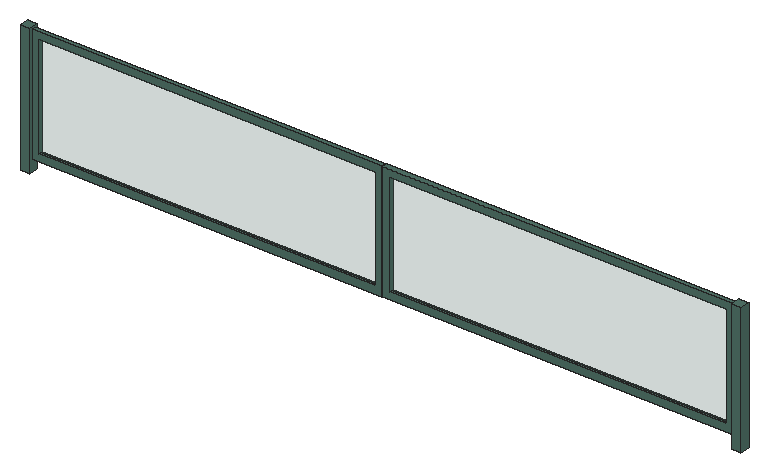
Revit family "Ворота распашные_PROM_UL_BARS", category Специальное оборудование, Revit 2019
Family settings
  Размер круглого соединителя = Использовать диаметр
  Тип детали = Нормальный
  На основе рабочей плоскости = Нет
  Всегда вертикально = Да
  При загрузке вырезать с полостями = Нет
  Общий = Нет
  Точка расчета площади = Нет
Parameters (values of type "PROM-UL_Фланец под винтовую опору")
  Ширина рамки = 60 mm
  Ширина открывания [instance] = Ширина / 2  # 3000 mm
  Ширина [instance] = 6000 mm
  Таблица = "UL_BARS"  # constant formula
  Фланец под винтовую опору (SITgs) = yes
  Фланец (SIT) = no
  Тип крепления = if([Бетонирование в кондукторе (SIC)], 1, if([Бетонирование столбы (SI)], 2, if([Фланец (SIT)], 3, if([Фланец под винтовую опору (SITgs)], 4, 0))))  # 4
  Сечение столба = 80 mm
  Материал_Столбы = FENSYS_Столб
  Материал_Сетка = FENSYS_Рейка
  Изготовитель = "FENSYS"  # constant formula
  Высота [instance] = 1100 mm
  Бетонирование столбы (SI) = no
  Бетонирование в кондукторе (SIC) = no
  Глубина столба = if(or([Бетонирование в кондукторе (SIC)], [Бетонирование столбы (SI)]), 500 mm, 0 mm)  # 0 mm
  URL = "https://www.fensys.ru/produkciya/vorota_1.html"
  ADSK_Размер_Ширина [instance] = Ширина  # 6000 mm
  ADSK_Размер_Высота [instance] = Высота  # 1100 mm
  ADSK_Обозначение = "UL/SITgs/BARS"
  ADSK_Наименование [instance] = size_lookup(Таблица, "", "Не найдено", ADSK_Размер_Высота, ADSK_Размер_Ширина, Тип крепления)  # "Ворота распашные серии PROM-UL: HxW 1100x6000 (оси столбов 6140, профиль 140х140х5мм), заполнение BARS, столбы с регулируемыми петлями, под крепление на винтовых опорах"
  ADSK_Масса [instance] = size_lookup(Таблица, "ADSK_Масса", 0, ADSK_Размер_Высота, ADSK_Размер_Ширина, Тип крепления)  # 157
  ADSK_Комплект = "Ворота распашные"  # constant formula
  ADSK_Код изделия [instance] = size_lookup(Таблица, "ADSK_Код изделия", "Не найдено", ADSK_Размер_Высота, ADSK_Размер_Ширина, Тип крепления)  # "44660U"
  ADSK_Завод-изготовитель = Изготовитель  # "FENSYS"
  ADSK_Единица измерения = "шт."  # constant formula
Types (5, lengths in mm): name | Фланец под винтовую опору (SITgs) | Фланец (SIT) | Тип крепления | Бетонирование столбы (SI) | Бетонирование в кондукторе (SIC) | Глубина столба | ADSK_Обозначение | ADSK_Наименование | ADSK_Масса | ADSK_Код изделия
  (no name) | yes | no | 4 | no | no | 0 | "UL/SITgs/BARS" | "Ворота распашные серии PROM-UL: HxW 1100x6000 (оси столбов 6140, профиль 140х140х5мм), заполнение BARS, столбы с регулируемыми петлями, под крепление на винтовых опорах" | 157 | "44660U"
  PROM-UL_Под бетонирование | no | no | 2 | yes | no | 500 | "UL/SI/BARS" | "Ворота распашные серии PROM-UL: HxW 1100x6000 (оси столбов 6140, профиль 140х140х5мм), заполнение BARS, столбы с регулируемыми петлями, под бетонирование" | 284 | "46860U"
  PROM-UL_Фланец | no | yes | 3 | no | no | 0 | "UL/SIT/BARS" | "Ворота распашные серии PROM-UL: HxW 1100x6000 (оси столбов 6140, профиль 140х140х5мм), заполнение BARS, столбы с регулируемыми петлями, на фланцах под анкерное крепление на бетон" | 206 | "46900U"
  PROM-UL_Фланец под винтовую опору | yes | no | 4 | no | no | 0 | "UL/SITgs/BARS" | "Ворота распашные серии PROM-UL: HxW 1100x6000 (оси столбов 6140, профиль 140х140х5мм), заполнение BARS, столбы с регулируемыми петлями, под крепление на винтовых опорах" | 157 | "44660U"
  PROM-UL_Бетонирование в кондукторе | no | no | 1 | no | yes | 500 | "UL/SIC/BARS" | "Ворота распашные серии PROM-UL: HxW 1100x6000 (оси столбов 6140, профиль 140х140х5мм), заполнение BARS, столбы с регулируемыми петлями, на фланцах под усиленное бетонирование на армокаркасах" | 0 | "38945U"
Reference planes
  plane 1 "По центру (Вперед/Назад)": y = 0
  plane 2: z = 0
  plane 3 "По центру (Влево/Вправо)": x = 0
  plane 4: x = 6160
  plane 5: y = 40
  plane 6: y = -40
  plane 7: x = 80
  plane 8: x = 6080
  plane 9: z = 1100
  plane 10: z = 100
  plane 11: z = 0
  plane 12: y = 20
  plane 13: y = -20
  plane 14: y = 2
  plane 15: y = -2
  plane 16: z = 1040
  plane 17: z = 1110
  plane 18: y = 2
  plane 19: y = -2
  plane 20: x = 3080
Forms (mm)
  Extrusion 1, solid, material "FENSYS_Столб" <- "Материал_Столбы"
    sketch origin (0, 0, 0) x (1, 0, 0) y (0, 1, 0)
      loop
        line (0, 40) -> (0, -40) -> (80, -40) -> (80, 40) -> (0, 40)
      loop
        line (6080, 40) -> (6080, -40) -> (6160, -40) -> (6160, 40) -> (6080, 40)
    from 0 to 1110
  Extrusion 2, solid, material "FENSYS_Рейка" <- "Материал_Сетка"
    sketch origin (0, 0, 0) x (1, 0, 0) y (0, 1, 0)
      loop
        line (140, 2) -> (140, -2) -> (3020, -2) -> (3020, 2) -> (140, 2)
    from 160 to 1040
  Extrusion 3, solid, material "FENSYS_Столб" <- "Материал_Столбы"
    sketch origin (0, 0, 0) x (1, 0, 0) y (0, 0, 1)
      loop
        line (80, 1100) -> (80, 100) -> (3075, 100) -> (3075, 1100) -> (80, 1100)
      loop
        line (6080, 100) -> (6080, 1100) -> (3085, 1100) -> (3085, 100) -> (6080, 100)
      loop
        line (140, 160) -> (3020, 160) -> (3020, 1040) -> (140, 1040) -> (140, 160)
      loop
        line (6020, 160) -> (6020, 1040) -> (3140, 1040) -> (3140, 160) -> (6020, 160)
    from -20 to 20
  Extrusion 4, solid, material "FENSYS_Рейка" <- "Материал_Сетка"
    sketch origin (1010, 0, 0) x (1, 0, 0) y (0, 1, 0)
      loop
        line (2130, 2) -> (2130, -2) -> (5010, -2) -> (5010, 2) -> (2130, 2)
    from 160 to 1040
Lines and regions (mm)
  Masking region 1, detail levels coarse
    outline origin (0, 0, 0) x (1, 0, 0) y (0, 1, 0)
      loop
        line (80, 20) -> (80, -20) -> (6080, -20) -> (6080, 20) -> (80, 20)
Dimensions and locks
  equal spacing: plane 6, plane 1 "По центру (Вперед/Назад)", plane 5
  "Сечение столба": plane 3 "По центру (Влево/Вправо)" to plane 7
  "Сечение столба": plane 8 to plane 4
  "ADSK_Размер_Высота": plane 9 to plane 2
  "Глубина столба": plane 2 to plane 11
  plane 10 to plane 2 = 100 mm
  plane 5 to plane 1 "По центру (Вперед/Назад)" = 40 mm
  equal spacing: plane 13, plane 1 "По центру (Вперед/Назад)", plane 12
  plane 1 "По центру (Вперед/Назад)" to plane 12 = 20 mm
  equal spacing: plane 15, plane 1 "По центру (Вперед/Назад)", plane 14
  locked: plane 1 "По центру (Вперед/Назад)" to plane 14 at 2
  "Ширина рамки": plane 9 to plane 16
  "ADSK_Размер_Ширина": plane 7 to plane 8
  locked: plane 17 to plane 9 at 10
  plane 19 to plane 18 = 4 mm
  Extrusion 1 to Extrusion 1 = 6160 mm
  "Сечение столба": plane 5 to plane 6
  equal spacing: plane 8, plane 20, plane 7
  aligned and locked: level to plane 2
  aligned and locked: Extrusion 1 sketch curve to plane 5
  aligned and locked: plane 5 to Extrusion 1 sketch curve
  aligned and locked: plane 6 to Extrusion 1 sketch curve
  aligned and locked: Extrusion 1 sketch curve to plane 6
  aligned and locked: Extrusion 1 sketch curve to plane 4
  aligned and locked: plane 8 to Extrusion 1 sketch curve
  aligned and locked: Extrusion 1 sketch curve to plane 7
  aligned and locked: plane 3 "По центру (Влево/Вправо)" to Extrusion 1 sketch curve
  aligned and locked: Extrusion 1 to plane 11
  aligned and locked: Extrusion 2 sketch curve to plane 14
  aligned and locked: Extrusion 2 sketch curve to plane 15
  aligned and locked: Extrusion 2 to plane 16
  aligned and locked: plane 8 to nested 1
  aligned and locked: nested 1 to plane 1 "По центру (Вперед/Назад)"
  aligned and locked: plane 1 "По центру (Вперед/Назад)" to nested 2
  aligned and locked: plane 7 to nested 2
  aligned and locked: Masking region 1 sketch curve to plane 12
  aligned and locked: Masking region 1 sketch curve to plane 13
  aligned and locked: plane 7 to Masking region 1 sketch curve
  aligned and locked: Masking region 1 sketch curve to plane 8
  aligned and locked: Extrusion 1 to plane 17
  aligned and locked: Extrusion 3 to plane 13
  aligned and locked: Extrusion 3 to plane 12
  aligned and locked: Extrusion 2 to Extrusion 3  (x2)
  aligned and locked: Extrusion 3 to plane 16
  aligned and locked: Extrusion 3 to Extrusion 2
  aligned and locked: plane 18 to Extrusion 4 sketch curve
  aligned and locked: Extrusion 4 sketch curve to plane 19
  aligned and locked: Extrusion 4 to Extrusion 3  (x4)
  aligned and locked: Extrusion 1 to plane 5
  aligned and locked: plane 6 to Extrusion 1
  aligned and locked: plane 16 to Extrusion 3
Automatic sketch dimensions
  plane 7 to Extrusion 2 sketch curve = 60 mm
  Extrusion 2 sketch curve to Extrusion 2 sketch curve = 2880 mm
  plane 7 to Extrusion 4 sketch curve = 3060 mm
  Extrusion 4 sketch curve to plane 8 = 60 mm
  Extrusion 3 sketch curve to plane 7 = 0 mm
  Extrusion 3 sketch curve to plane 16 = 0 mm  (x2)
  Extrusion 3 sketch curve to plane 10 = 0 mm  (x3)
  Extrusion 3 sketch curve to plane 9 = 0 mm  (x2)
  Extrusion 3 sketch curve to plane 8 = 0 mm
  plane 7 to Extrusion 3 sketch curve = 60 mm
  Extrusion 3 sketch curve to plane 20 = 5 mm
  Extrusion 3 sketch curve to plane 8 = 60 mm
  plane 10 to Extrusion 3 sketch curve = 60 mm  (x2)
  plane 20 to Extrusion 3 sketch curve = 5 mm
  plane 20 to Extrusion 3 sketch curve = 60 mm
  Extrusion 3 sketch curve to plane 20 = 60 mm
Nested families
  nested 1: "Открываение_Обозначение" at (6080, 0, 0) x (-1, 0, 0) z (0, 0, 1), Ширина <- "Ширина открывания", type "Открываение_Обозначение", detail levels coarse
    with Ширина 3000 mm
  nested 2: "Открываение_Обозначение" at (80, 0, 0), Ширина <- "Ширина открывания", type "Открываение_Обозначение", detail levels coarse
    with Ширина 3000 mm
Definition of nested family "Открываение_Обозначение"
  Parameters (values of type "Открываение_Обозначение")
    Ширина [instance] = 900 mm
  Reference planes
    plane 1 "По центру (Вперед/Назад)": y = 0
    plane 2: z = 0
    plane 3 "По центру (Влево/Вправо)": x = 0
    plane 4: x = 900
  Lines and regions (mm)
    detail lines, in view "Опорный уровень"
      curve 1: line (0, 0, 0) -> (779.423, 450, 0)
  Dimensions and locks
    "Ширина": plane 3 "По центру (Влево/Вправо)" to plane 4
    "Ширина": curve 1 to curve 1
    locked: plane 1 "По центру (Вперед/Назад)" to curve 1 (angle 30.00°)
    aligned and locked: plane 3 "По центру (Влево/Вправо)" to curve 1
    aligned and locked: plane 1 "По центру (Вперед/Назад)" to curve 1
